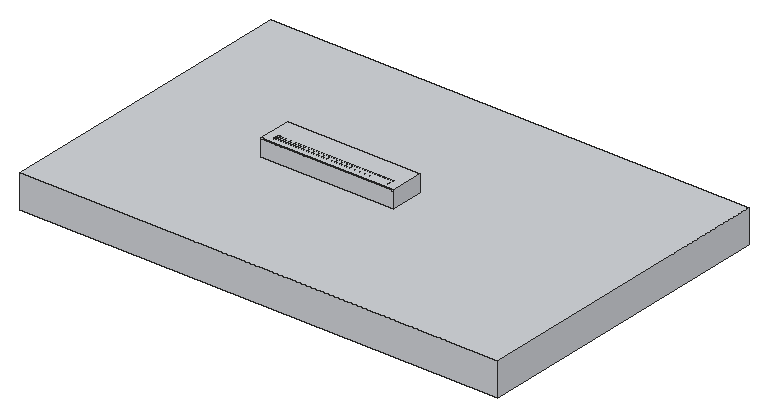
Revit family
Parameters
  Width = 1' - 0"
  URL = "www.coldspringgranite.com"
  TypicalJointSize = 0' - 0 1/4"
  StopCarborundumRight = 0' - 3"
  StopCarborundumLeft = 0' - 3"
  StoneMaterial = none
  SettingSpace = AirGap + Height  # 0' - 7 1/8"
  RightCarborundumVisibilityOn = not(RightCarborundumVisibilityOff)  # no
  RightCarborundumVisibilityOff = StopCarborundumRight > 0' 0"  # yes
  Product Name = "Stair Tread Stone for Cubic Application - Square Front Edge with Three Carborundum Strips"
  Product Documentation Link = "http://www.coldspringgranite.com/BIM_Families/Family_Detail/Stair_Tread_Stone_for_Cubic_Application_–_Square_Front_Edge_with_Three_Carborundum_Strips/"
  PhoneNumber = "800-551-7502"
  Notes = ""
  NosingRadius = 0' - 0 1/4"
  Model = "N/A"
  Manufacturer = "Cold Spring Granite Company"
  Low Emitting Material = yes
  Low Emitting Finish = yes
  Location = "17482 Granite West Road, Cold Spring, MN 56320-4578"
  Length = 4' - 0"
  LeftCarborundumVisibilityOff = StopCarborundumLeft > 0' 0"  # yes
  LEED Credit = ""
  Keynote = "096340"
  JointRightOff = no
  JointRight = if(JointRightOff, 0' 0", TypicalJointSize / 2)  # 0' - 0 1/8"
  JointLeftOff = no
  JointLeft = if(JointLeftOff, 0' 0", TypicalJointSize / 2)  # 0' - 0 1/8"
  Height = 0' - 6 1/8"
  HeadSize = 0' - 6"
  Description = "Stone Stair Tread Cubic Square Triple Carborundum"
  Default Elevation = 0' - 0"
  CarborundumWidth = 0' - 0 3/8"
  LeftCarborundumVisibilityOn = not(LeftCarborundumVisibilityOff)  # no
  CarborundumSpacing = 0' - 0 1/2"
  CarborundumSetBack = 0' - 2"
  CarborundumDepth = 0' - 0 1/4"
  BackJointWidth = 0' - 3"
  Assembly Code = "C2010100"
  AirGap = 0' - 1"
  ADA Compliant = yes
Reference planes (in)
  plane 1 "Center (Front/Back)": y = 0
  plane 2: z = 0
  plane 3 "Center (Left/Right)": x = 0
  plane 4 "StoneLeft": x = 0.125
  plane 5 "StoneRight": x = 47.875
  plane 6 "Right": x = 48
  plane 7 "CarborundumLeft": x = 3.125
  plane 8 "CarborundumRight": x = 44.875
  plane 9 "StoneBack": y = 12
  plane 10 "StoneFace": z = 7.125
  plane 11 "CarborundumBottom": z = 6.875
  plane 12 "HeadBottom": z = 1.125
  plane 13 "StoneBottom": z = 1
  plane 14 "FirstCarborundumFront": y = 2
  plane 15 "FirstCarborundumBack": y = 2.375
  plane 16 "BackJoint": y = 3
  plane 17 "SecondCarborundumFront": y = 2.875
  plane 18 "SecondCarborundumBack": y = 3.25
  plane 19 "ThirdCarborundumFront": y = 3.75
  plane 20 "ThirdCarborundumBack": y = 4.125
Forms (in)
  Extrusion 1, solid
    sketch origin (0, 0, 0) x (1, 0, 0) y (0, 1, 0)
      loop
        line (-48, 64.5) -> (-48, -48) -> (124.0595, -48) -> (124.0595, 64.5) -> (-48, 64.5)
    from 0 to -12
  Extrusion 2, solid, material <- "StoneMaterial", detail levels medium+fine
    sketch origin (0, 0, 0) x (0, 1, 0) y (0, 0, 1)
      loop
        line (12, 7.125) -> (0.25, 7.125)
        arc (0.25, 7.125) -> (0.07322, 7.05178) -> (0, 6.875) r 0.25
        line (0, 6.875) -> (0, 1) -> (12, 1) -> (12, 7.125)
    from 0.125 to 47.875
  Extrusion 3, void
    sketch origin (0, 0, 0) x (0, 1, 0) y (0, 0, 1)
      loop
        line (2.375, 7.125) -> (2, 7.125) -> (2, 6.875) -> (2.375, 6.875) -> (2.375, 7.125)
      loop
        line (3.25, 7.125) -> (2.875, 7.125) -> (2.875, 6.875) -> (3.25, 6.875) -> (3.25, 7.125)
      loop
        line (4.125, 7.125) -> (3.75, 7.125) -> (3.75, 6.875) -> (4.125, 6.875) -> (4.125, 7.125)
    from 3.125 to 44.875
  Extrusion 4, void
    sketch origin (0, 0, 0) x (0, 1, 0) y (0, 0, 1)
      loop
        line (3, 1.125) -> (0, 1.125) -> (0, 0) -> (3, 0) -> (3, 1.125)
    from 0.125 to 47.875
  Extrusion 5, solid, material <- "StoneMaterial", detail levels coarse
    sketch origin (0, 0, 0) x (0, 1, 0) y (0, 0, 1)
      loop
        line (12, 7.125) -> (0, 7.125) -> (0, 1) -> (12, 1) -> (12, 7.125)
    from 0 to 48
Cuts and joins
  Extrusion 3, Extrusion 4 cuts Extrusion 2
Lines and regions (in)
  Masking region 1, detail levels coarse
    outline origin (0, 0, 0) x (1, 0, 0) y (0, 1, 0)
      loop
        line (0, 12) -> (0, 0) -> (48, 0) -> (48, 12) -> (0, 12)
  Masking region 2, detail levels medium+fine
    outline origin (0, 0, 0) x (1, 0, 0) y (0, 1, 0)
      loop
        line (0.125, 12) -> (0.125, 0) -> (47.875, 0) -> (47.875, 12) -> (0.125, 12)
  Masking region 3, detail levels coarse
    outline origin (0, 0, 0) x (0, 1, 0) y (0, 0, 1)
      loop
        line (12, 7.125) -> (0, 7.125) -> (0, 1) -> (12, 1) -> (12, 7.125)
  Masking region 4, detail levels fine
    outline origin (0, 0, 0) x (0, 1, 0) y (0, 0, 1)
      loop
        line (12, 1) -> (12, 7.125) -> (4.125, 7.125) -> (4.125, 6.875) -> (3.75, 6.875) -> (3.75, 7.125) -> (3.25, 7.125) -> (3.25, 6.875) -> (2.875, 6.875) -> (2.875, 7.125) -> (2.375, 7.125) -> (2.375, 6.875) -> (2, 6.875) -> (2, 7.125) -> (0.25, 7.125)
        arc (0.25, 7.125) -> (0.07322, 7.05178) -> (0, 6.875) r 0.25
        line (0, 6.875) -> (0, 1.125) -> (3, 1.125) -> (3, 1) -> (12, 1)
  Masking region 5, detail levels coarse
    outline origin (0, 0, 0) x (1, 0, 0) y (0, 0, 1)
      loop
        line (0, 7.125) -> (0, 1) -> (48, 1) -> (48, 7.125) -> (0, 7.125)
  Masking region 6, detail levels medium+fine
    outline origin (0, 0, 0) x (1, 0, 0) y (0, 0, 1)
      loop
        line (0.125, 7.125) -> (0.125, 1.125) -> (47.875, 1.125) -> (47.875, 7.125) -> (0.125, 7.125)
  Masking region 7, visible <- "LeftCarborundumVisibilityOff", detail levels medium
    outline origin (0, 0, 0) x (0, 1, 0) y (0, 0, 1)
      loop
        line (12, 1) -> (12, 7.125) -> (0.25, 7.125)
        arc (0.25, 7.125) -> (0.07322, 7.05178) -> (0, 6.875) r 0.25
        line (0, 6.875) -> (0, 1.125) -> (3, 1.125) -> (3, 1) -> (12, 1)
  Masking region 8, visible <- "LeftCarborundumVisibilityOn", detail levels medium
    outline origin (0, 0, 0) x (0, 1, 0) y (0, 0, 1)
      loop
        line (12, 1) -> (12, 7.125) -> (4.125, 7.125) -> (4.125, 6.875) -> (3.75, 6.875) -> (3.75, 7.125) -> (3.25, 7.125) -> (3.25, 6.875) -> (2.875, 6.875) -> (2.875, 7.125) -> (2.375, 7.125) -> (2.375, 6.875) -> (2, 6.875) -> (2, 7.125) -> (0.25, 7.125)
        arc (0.25, 7.125) -> (0.07322, 7.05178) -> (0, 6.875) r 0.25
        line (0, 6.875) -> (0, 1.125) -> (3, 1.125) -> (3, 1) -> (12, 1)
  Masking region 9, visible <- "RightCarborundumVisibilityOn", detail levels medium
    outline origin (48, 0, 0) x (0, 1, 0) y (0, 0, 1)
      loop
        arc (0.25, 7.125) -> (0.07322, 7.05178) -> (0, 6.875) r 0.25
        line (0, 6.875) -> (0, 1.125) -> (3, 1.125) -> (3, 1) -> (12, 1) -> (12, 7.125) -> (4.125, 7.125) -> (4.125, 6.875) -> (3.75, 6.875) -> (3.75, 7.125) -> (3.25, 7.125) -> (3.25, 6.875) -> (2.875, 6.875) -> (2.875, 7.125) -> (2.375, 7.125) -> (2.375, 6.875) -> (2, 6.875) -> (2, 7.125) -> (0.25, 7.125)
  Masking region 10, visible <- "RightCarborundumVisibilityOff", detail levels medium
    outline origin (48, 0, 0) x (0, 1, 0) y (0, 0, 1)
      loop
        arc (0.25, 7.125) -> (0.07322, 7.05178) -> (0, 6.875) r 0.25
        line (0, 6.875) -> (0, 1.125) -> (3, 1.125) -> (3, 1) -> (12, 1) -> (12, 7.125) -> (0.25, 7.125)
  symbolic lines, detail levels medium+fine
    curve 1: line (3.125, 2.375, 0) -> (44.875, 2.375, 0)
    curve 2: line (3.125, 2, 0) -> (3.125, 2.375, 0)
    curve 3: line (44.875, 2, 0) -> (3.125, 2, 0)
    curve 4: line (44.875, 2.375, 0) -> (44.875, 2, 0)
    curve 5: line (44.875, 4.125, 0) -> (3.125, 4.125, 0)
    curve 6: line (44.875, 3.75, 0) -> (3.125, 3.75, 0)
    curve 7: line (44.875, 3.25, 0) -> (3.125, 3.25, 0)
    curve 8: line (44.875, 2.875, 0) -> (3.125, 2.875, 0)
    curve 9: line (44.875, 3.25, 0) -> (44.875, 2.875, 0)
    curve 10: line (44.875, 4.125, 0) -> (44.875, 3.75, 0)
    curve 11: line (3.125, 4.125, 0) -> (3.125, 3.75, 0)
    curve 12: line (3.125, 3.25, 0) -> (3.125, 2.875, 0)
Dimensions and locks (in)
  "Length": plane 3 "Center (Left/Right)" to plane 6 "Right"
  "JointLeft": plane 3 "Center (Left/Right)" to plane 4 "StoneLeft"
  "JointRight": plane 5 "StoneRight" to plane 6 "Right"
  "Width": plane 1 "Center (Front/Back)" to plane 9 "StoneBack"
  "StopCarborundumLeft": plane 7 "CarborundumLeft" to plane 4 "StoneLeft"
  "StopCarborundumRight": plane 5 "StoneRight" to plane 8 "CarborundumRight"
  "Height": plane 10 "StoneFace" to plane 13 "StoneBottom"
  "SettingSpace": plane 10 "StoneFace" to plane 2
  "CarborundumDepth": plane 10 "StoneFace" to plane 11 "CarborundumBottom"
  "CarborundumSetBack": plane 14 "FirstCarborundumFront" to plane 1 "Center (Front/Back)"
  "CarborundumWidth": plane 15 "FirstCarborundumBack" to plane 14 "FirstCarborundumFront"
  "HeadSize": plane 10 "StoneFace" to plane 12 "HeadBottom"
  "BackJointWidth": plane 16 "BackJoint" to plane 1 "Center (Front/Back)"
  "CarborundumSpacing": plane 17 "SecondCarborundumFront" to plane 15 "FirstCarborundumBack"
  "CarborundumWidth": plane 18 "SecondCarborundumBack" to plane 17 "SecondCarborundumFront"
  "CarborundumSpacing": plane 19 "ThirdCarborundumFront" to plane 18 "SecondCarborundumBack"
  "CarborundumWidth": plane 20 "ThirdCarborundumBack" to plane 19 "ThirdCarborundumFront"
  "NosingRadius": radius of Extrusion 2 sketch curve
  aligned and locked: Extrusion 1 to plane 2
  aligned and locked: level to Extrusion 1
  aligned and locked: Extrusion 2 sketch curve to plane 10 "StoneFace"
  aligned and locked: Extrusion 2 sketch curve to plane 9 "StoneBack"
  aligned and locked: plane 13 "StoneBottom" to Extrusion 2 sketch curve
  aligned and locked: Extrusion 2 sketch curve to plane 1 "Center (Front/Back)"
  aligned and locked: plane 5 "StoneRight" to Extrusion 2
  aligned and locked: Extrusion 2 to plane 4 "StoneLeft"
  aligned and locked: Extrusion 3 sketch curve to plane 10 "StoneFace"  (x3)
  aligned and locked: Extrusion 3 sketch curve to plane 15 "FirstCarborundumBack"
  aligned and locked: plane 11 "CarborundumBottom" to Extrusion 3 sketch curve  (x3)
  aligned and locked: plane 14 "FirstCarborundumFront" to Extrusion 3 sketch curve
  aligned: Extrusion 3 to plane 4 "StoneLeft"
  aligned: plane 6 "Right" to Extrusion 3
  aligned and locked: Extrusion 3 to plane 7 "CarborundumLeft"
  aligned and locked: plane 8 "CarborundumRight" to Extrusion 3
  aligned and locked: plane 16 "BackJoint" to Extrusion 4 sketch curve
  aligned and locked: plane 2 to Extrusion 4 sketch curve
  aligned and locked: Extrusion 4 sketch curve to plane 1 "Center (Front/Back)"
  aligned and locked: Extrusion 4 sketch curve to plane 12 "HeadBottom"
  aligned and locked: plane 5 "StoneRight" to Extrusion 4
  aligned and locked: Extrusion 4 to plane 4 "StoneLeft"
  aligned and locked: Extrusion 5 sketch curve to plane 10 "StoneFace"
  aligned and locked: Extrusion 5 sketch curve to plane 9 "StoneBack"
  aligned and locked: plane 13 "StoneBottom" to Extrusion 5 sketch curve
  aligned and locked: Extrusion 5 sketch curve to plane 1 "Center (Front/Back)"
  aligned and locked: plane 6 "Right" to Extrusion 5
  aligned and locked: Masking region 1 sketch curve to plane 9 "StoneBack"
  aligned and locked: plane 3 "Center (Left/Right)" to Masking region 1 sketch curve
  aligned and locked: Masking region 1 sketch curve to plane 1 "Center (Front/Back)"
  aligned and locked: Masking region 1 sketch curve to plane 6 "Right"
  aligned and locked: Masking region 2 sketch curve to plane 9 "StoneBack"
  aligned and locked: plane 4 "StoneLeft" to Masking region 2 sketch curve
  aligned and locked: Masking region 2 sketch curve to plane 5 "StoneRight"
  aligned and locked: Masking region 2 sketch curve to plane 1 "Center (Front/Back)"
  aligned and locked: curve 4 to plane 8 "CarborundumRight"
  aligned and locked: Masking region 3 sketch curve to plane 10 "StoneFace"
  aligned and locked: Masking region 3 sketch curve to plane 9 "StoneBack"
  aligned and locked: plane 13 "StoneBottom" to Masking region 3 sketch curve
  aligned and locked: Masking region 3 sketch curve to plane 1 "Center (Front/Back)"
  aligned and locked: plane 9 "StoneBack" to Masking region 4 sketch curve
  aligned and locked: plane 10 "StoneFace" to Masking region 4 sketch curve  (x2)
  aligned and locked: plane 12 "HeadBottom" to Masking region 4 sketch curve
  aligned and locked: plane 16 "BackJoint" to Masking region 4 sketch curve
  aligned and locked: plane 15 "FirstCarborundumBack" to Masking region 4 sketch curve
  aligned and locked: plane 14 "FirstCarborundumFront" to Masking region 4 sketch curve
  aligned and locked: plane 11 "CarborundumBottom" to Masking region 4 sketch curve  (x2)
  aligned and locked: plane 13 "StoneBottom" to Masking region 4 sketch curve
  aligned and locked: Masking region 4 sketch curve to cut or joined group of Extrusion 2, Extrusion 3, Extrusion 4
  aligned and locked: plane 3 "Center (Left/Right)" to Masking region 5 sketch curve
  aligned and locked: Masking region 5 sketch curve to plane 10 "StoneFace"
  aligned and locked: Masking region 5 sketch curve to plane 6 "Right"
  aligned and locked: plane 13 "StoneBottom" to Masking region 5 sketch curve
  aligned and locked: plane 4 "StoneLeft" to Masking region 6 sketch curve
  aligned and locked: Masking region 6 sketch curve to plane 10 "StoneFace"
  aligned and locked: plane 12 "HeadBottom" to Masking region 6 sketch curve
  aligned and locked: Masking region 6 sketch curve to plane 5 "StoneRight"
  aligned and locked: plane 9 "StoneBack" to Masking region 7 sketch curve
  aligned and locked: plane 10 "StoneFace" to Masking region 7 sketch curve
  aligned and locked: Masking region 7 sketch curve to cut or joined group of Extrusion 2, Extrusion 3, Extrusion 4
  aligned and locked: plane 12 "HeadBottom" to Masking region 7 sketch curve
  aligned and locked: plane 16 "BackJoint" to Masking region 7 sketch curve
  aligned and locked: plane 13 "StoneBottom" to Masking region 7 sketch curve
  aligned and locked: plane 9 "StoneBack" to Masking region 8 sketch curve
  aligned and locked: plane 10 "StoneFace" to Masking region 8 sketch curve  (x2)
  aligned and locked: plane 15 "FirstCarborundumBack" to Masking region 8 sketch curve
  aligned and locked: plane 14 "FirstCarborundumFront" to Masking region 8 sketch curve
  aligned and locked: plane 11 "CarborundumBottom" to Masking region 8 sketch curve  (x2)
  aligned and locked: Masking region 8 sketch curve to cut or joined group of Extrusion 2, Extrusion 3, Extrusion 4
  aligned and locked: plane 12 "HeadBottom" to Masking region 8 sketch curve
  aligned and locked: plane 16 "BackJoint" to Masking region 8 sketch curve
  aligned and locked: plane 13 "StoneBottom" to Masking region 8 sketch curve
  aligned and locked: Masking region 9 sketch curve to cut or joined group of Extrusion 2, Extrusion 3, Extrusion 4
  aligned and locked: Masking region 9 sketch curve to plane 1 "Center (Front/Back)"
  aligned and locked: Masking region 9 sketch curve to plane 9 "StoneBack"
  aligned and locked: Masking region 9 sketch curve to plane 13 "StoneBottom"
  aligned and locked: Masking region 9 sketch curve to plane 16 "BackJoint"
  aligned and locked: Masking region 9 sketch curve to plane 12 "HeadBottom"
  aligned and locked: Masking region 9 sketch curve to plane 14 "FirstCarborundumFront"
  aligned and locked: Masking region 9 sketch curve to plane 11 "CarborundumBottom"
  aligned and locked: Masking region 9 sketch curve to plane 15 "FirstCarborundumBack"
  aligned and locked: Masking region 10 sketch curve to cut or joined group of Extrusion 2, Extrusion 3, Extrusion 4
  aligned and locked: Masking region 10 sketch curve to plane 1 "Center (Front/Back)"
  aligned and locked: Masking region 10 sketch curve to plane 9 "StoneBack"
  aligned and locked: Masking region 10 sketch curve to plane 13 "StoneBottom"
  aligned and locked: Masking region 10 sketch curve to plane 16 "BackJoint"
  aligned and locked: Masking region 10 sketch curve to plane 12 "HeadBottom"
  aligned and locked: Extrusion 3 sketch curve to plane 17 "SecondCarborundumFront"
  aligned and locked: plane 18 "SecondCarborundumBack" to Extrusion 3 sketch curve
  aligned and locked: Extrusion 3 sketch curve to plane 19 "ThirdCarborundumFront"
  aligned and locked: plane 20 "ThirdCarborundumBack" to Extrusion 3 sketch curve
  aligned and locked: plane 20 "ThirdCarborundumBack" to Masking region 8 sketch curve
  aligned and locked: plane 19 "ThirdCarborundumFront" to Masking region 8 sketch curve
  aligned and locked: plane 18 "SecondCarborundumBack" to Masking region 8 sketch curve
  aligned and locked: plane 17 "SecondCarborundumFront" to Masking region 8 sketch curve
  aligned and locked: plane 20 "ThirdCarborundumBack" to Masking region 4 sketch curve
  aligned and locked: plane 19 "ThirdCarborundumFront" to Masking region 4 sketch curve
  aligned and locked: plane 18 "SecondCarborundumBack" to Masking region 4 sketch curve
  aligned and locked: plane 17 "SecondCarborundumFront" to Masking region 4 sketch curve
  aligned and locked: plane 11 "CarborundumBottom" to Masking region 9 sketch curve
  aligned and locked: plane 20 "ThirdCarborundumBack" to Masking region 9 sketch curve
  aligned and locked: plane 19 "ThirdCarborundumFront" to Masking region 9 sketch curve
  aligned and locked: plane 18 "SecondCarborundumBack" to Masking region 9 sketch curve
  aligned and locked: plane 17 "SecondCarborundumFront" to Masking region 9 sketch curve
  aligned and locked: plane 7 "CarborundumLeft" to curve 3
  aligned and locked: plane 7 "CarborundumLeft" to curve 1
  aligned and locked: plane 14 "FirstCarborundumFront" to curve 2
  aligned and locked: plane 15 "FirstCarborundumBack" to curve 2
  aligned and locked: plane 8 "CarborundumRight" to curve 3
  aligned and locked: plane 14 "FirstCarborundumFront" to curve 4
  aligned and locked: plane 15 "FirstCarborundumBack" to curve 4
  aligned and locked: plane 7 "CarborundumLeft" to curve 8
  aligned and locked: plane 8 "CarborundumRight" to curve 6
  aligned and locked: plane 8 "CarborundumRight" to curve 7
  aligned and locked: plane 20 "ThirdCarborundumBack" to curve 10
  aligned and locked: plane 19 "ThirdCarborundumFront" to curve 10
  aligned and locked: plane 18 "SecondCarborundumBack" to curve 9
  aligned and locked: plane 17 "SecondCarborundumFront" to curve 9
  aligned and locked: plane 20 "ThirdCarborundumBack" to curve 11
  aligned and locked: plane 19 "ThirdCarborundumFront" to curve 11
  aligned and locked: plane 18 "SecondCarborundumBack" to curve 12
  aligned and locked: plane 17 "SecondCarborundumFront" to curve 12
  aligned and locked: plane 7 "CarborundumLeft" to curve 5
  aligned and locked: plane 7 "CarborundumLeft" to curve 6
  aligned and locked: plane 7 "CarborundumLeft" to curve 7
  aligned and locked: plane 8 "CarborundumRight" to curve 5
  aligned and locked: plane 8 "CarborundumRight" to curve 8
  aligned and locked: Masking region 8 to plane 11 "CarborundumBottom"
  aligned and locked: Masking region 4 to plane 11 "CarborundumBottom"
  aligned and locked: Masking region 9 to plane 11 "CarborundumBottom"
  aligned and locked: Extrusion 5 to plane 3 "Center (Left/Right)"
Automatic sketch dimensions
  Extrusion 1 sketch curve to Extrusion 1 sketch curve = 14' - 4.0595"
  Extrusion 1 sketch curve to Extrusion 1 sketch curve = 9' - 4 1/2"
  Masking region 8 sketch curve to Masking region 8 sketch curve = 0' - 0"  (x3)
  Masking region 4 sketch curve to Masking region 4 sketch curve = 0' - 0"  (x3)
  Masking region 9 sketch curve to Masking region 9 sketch curve = 0' - 0"  (x3)
  Masking region 9 sketch curve to plane 10 "StoneFace" = 0' - 0"
Nested families (in)
  nested 1: "CopyRight" at (0, 0, 0), type "CopyRight"
Definition of nested family "CopyRight"
  Parameters (values of type "CopyRight")
    CopyRight = "Cold Spring Granite Company"
  Reference planes (in)
    plane 1: z = 0
